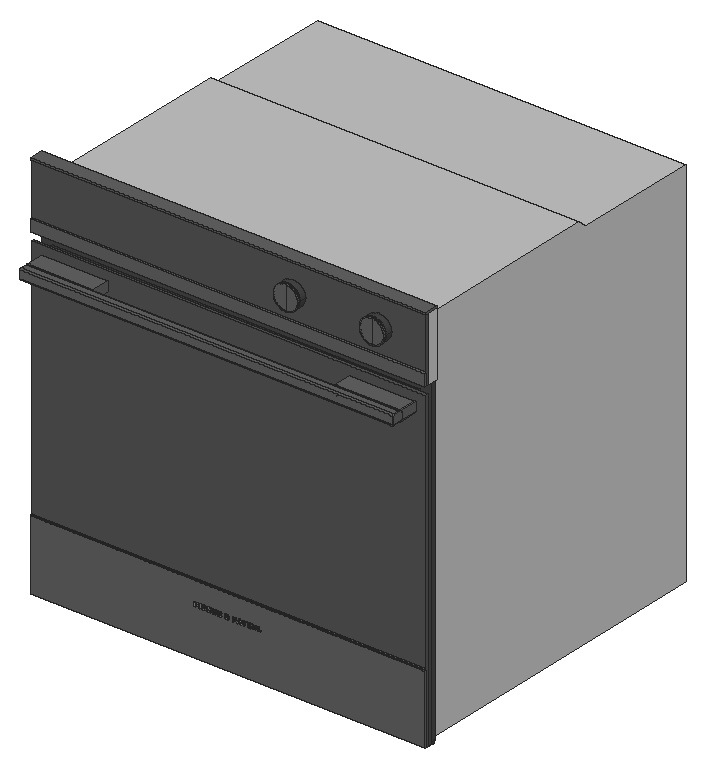
Revit family "FP-Revit20-en-OB60SD11PX1-OB60SD11PB1Oven-0-9000XXXXA-CN", category Specialty Equipment, Revit 2020
Family settings
  Round Connector Dimension = Use Diameter
  Part Type = Normal
  OmniClass Number = 23.40.40.14.17.11
  OmniClass Title = Cookers, Ovens, Stoves
  Work Plane-Based = No
  Always vertical = Yes
  Cut with Voids When Loaded = Yes
  Shared = No
  Room Calculation Point = No
Parameters (values of type "OB60SD11PB1")
  Visibility - Clearance Required = yes
  URL = "www.fisherpaykel.com"
  Product - Width = 596 mm  # constant formula
  Product - Height = 598 mm  # constant formula
  Product - Depth = 565 mm  # constant formula
  Model = "OB60SD11PB1"
  Material - Trim = Fisher & Paykel - Aluminium, Dark
  Material - Structure = Fisher & Paykel - Black
  Material - Handle = Fisher & Paykel - Aluminium, Dark
  Material - Glass = Fisher & Paykel - Glass, Black
  Material - Buttons and Dials = Fisher & Paykel - Black
  Material - Body = Fisher & Paykel - Grey
  Manufacturer = "Fisher & Paykel Appliances"
  FFL Offset [instance] = 200 mm
  Description = "60cm Built-In Oven"
  Default Elevation = 0 mm
  Connector Note - Electrical = "220 -240 V, 50 Hz, 12.8 - 13.8 A"
  Chassis - Width = 556 mm  # constant formula
  Chassis - Height = 575 mm  # constant formula
  Chassis - Depth = 545 mm  # constant formula
  Cavity - Width = 600 mm  # constant formula
  Cavity - Height = 600 mm  # constant formula
  Cavity - Depth = 550 mm  # constant formula
Types (3, lengths in mm): name | Model | Material - Trim | Material - Handle | Material - Buttons and Dials
  (no name) | "OB60SD11PB1" | Fisher & Paykel - Aluminium, Dark | Fisher & Paykel - Aluminium, Dark | Fisher & Paykel - Black
  OB60SD11PB1 | "OB60SD11PB1" | Fisher & Paykel - Aluminium, Dark | Fisher & Paykel - Aluminium, Dark | Fisher & Paykel - Black
  OB60SD11PX1 | "OB60SD11PX1" | Fisher & Paykel - Stainless Steel | Fisher & Paykel - Stainless Steel | Fisher & Paykel - Stainless Steel
Reference planes
  plane 1 "Datum": y = 0
  plane 2: z = 0
  plane 3 "Center (Left/Right)": x = 0
  plane 4 "Cavity": z = 780
  plane 5 "Product Height": z = 798
  plane 6 "Product LHS": x = -298
  plane 7 "Product RHS": x = 298
  plane 8 "Cavity LHS": x = -300
  plane 9 "Cavity RHS": x = 300
  plane 10 "Cavity - Depth": y = 550
  plane 11 "Product Depth": y = 545
  plane 12 "Front Face": y = -20
  plane 13 "FFL Offset": z = 200
  plane 14 "Cavity Height": z = 800
Forms (mm)
  Extrusion 1, solid, material "Fisher & Paykel - Grey" <- "Material - Body"
    sketch origin (0, 0, 0) x (0, 1, 0) y (0, 0, 1)
      loop
        line (0, 200) -> (525, 200) -> (525, 393.99) -> (545, 413.99) -> (545, 609.73) -> (495, 659.73) -> (495, 764.6) -> (307.721, 764.6) -> (293.958, 775) -> (0, 775) -> (0, 200)
    from -278 to 278
  Extrusion 2, void
    sketch origin (0, 0, 0) x (1, 0, 0) y (0, 1, 0)
      loop
        line (-278, 495) -> (-229.13, 495) -> (-179.13, 545) -> (-278, 545) -> (-278, 495)
      loop
        line (278, 495) -> (278, 545) -> (94.617, 545) -> (114.617, 525) -> (199.13, 525) -> (229.13, 495) -> (278, 495)
    from 200 to 764.6
  Extrusion 3, solid, material "Fisher & Paykel - Aluminium, Dark" <- "Material - Trim"
    sketch origin (0, 0, 0) x (0, 1, 0) y (0, 0, 1)
      loop
        line (0, 798) -> (-20.5, 798) -> (-20.5, 795.1) -> (0, 795.1) -> (0, 798)
    from -298 to 298
  Extrusion 4, solid, material "Fisher & Paykel - Grey" <- "Material - Body"
    sketch origin (0, 0, 0) x (0, 1, 0) y (0, 0, 1)
      loop
        line (-16, 795.1) -> (-16, 698) -> (0, 698) -> (0, 795.1) -> (-16, 795.1)
    from -298 to 298
  Extrusion 5, solid, material "Fisher & Paykel - Glass, Black" <- "Material - Glass"
    sketch origin (0, 0, 0) x (1, 0, 0) y (0, 0, 1)
      loop
        line (-298, 685.2) -> (-298, 208.6) -> (298, 208.6) -> (298, 685.2) -> (-298, 685.2)
      loop
        line (-298, 698) -> (298, 698) -> (298, 794.5) -> (-298, 794.5) -> (-298, 698)
    from 16 to 20
  Extrusion 6, solid, material "Fisher & Paykel - Black" <- "Material - Structure"
    sketch origin (0, 0, 0) x (0, 1, 0) y (0, 0, 1)
      loop
        line (-13.8, 683.7) -> (-16, 683.7) -> (-16, 224.7) -> (-5, 224.7) -> (-5, 680.497) -> (-13.8, 683.7)
    from -277 to 277
  Extrusion 7, solid, material "Fisher & Paykel - Black" <- "Material - Structure"
    sketch origin (0, 0, 0) x (1, 0, 0) y (0, 0, 1)
      loop
        line (-295, 698) -> (-295, 209.536)
        arc (-295, 209.536) -> (-292.207, 202.793) -> (-285.464, 200) r 9.536
        line (-285.464, 200) -> (285.5, 200)
        arc (285.5, 200) -> (292.218, 202.782) -> (295, 209.5) r 9.5
        line (295, 209.5) -> (295, 698) -> (-295, 698)
    from 0 to 5
  Sweep 8, solid, material "Fisher & Paykel - Black"
    path origin (-195.035, 0, 0) x (0, 1, 0) y (0, 0, 1)
      loop
        line (478.272, 708.8) -> (498.6, 708.8)
        arc (498.6, 708.8) -> (507.085, 705.285) -> (510.6, 696.8) r 12
        line (510.6, 696.8) -> (510.6, 678.8)
    profile origin (-195.035, 488.436, 708.8) x (0, 0, 1) y (1, 0, 0)
      loop
        line (0, 11) -> (-11, 11) -> (-11, -11) -> (0, -11)
        arc (0, -11) -> (11, 0) -> (0, 11) r 11
  Extrusion 9, solid, material "Fisher & Paykel - Clearance Required", visible <- "Visibility - Clearance Required", detail levels coarse
    sketch origin (0, 0, 0) x (0, 1, 0) y (0, 0, 1)
      loop
        line (-21.6, 227.528) -> (-21.6, 200) -> (0, 200) -> (0, 800) -> (-21.6, 800) -> (-21.6, 685.18)
        arc (-21.6, 685.18) -> (-333.147, 559.899) -> (-479.9, 257.872) r 466.605
        line (-479.9, 257.872) -> (-465.169, 256.897) -> (-467.944, 214.989) -> (-455.498, 214.164) -> (-452.723, 256.073) -> (-21.6, 227.528)
    from -300 to 300
  Extrusion 10, solid, material "Fisher & Paykel - Clearance Required", visible <- "Visibility - Clearance Required", detail levels coarse
    sketch origin (0, 0, 0) x (1, 0, 0) y (0, 1, 0)
      loop
        line (-280, 0) -> (280, 0) -> (280, 550) -> (-280, 550) -> (-280, 0)
    from 200 to 780
  Extrusion 11, void
    sketch origin (0, 0, 0) x (1, 0, 0) y (0, 1, 0)
      loop
        line (-300, -21.6) -> (300, -21.6) -> (300, 0) -> (-300, 0) -> (-300, -21.6)
    from 200 to 800
  Extrusion 12, solid, material "Fisher & Paykel - Aluminium, Dark" <- "Material - Trim", detail levels medium+fine
    sketch origin (0, -2000, 0) x (0, 1, 0) y (0, 0, 1)
      loop
        line (1980, 316.326) -> (1978.666, 314.661)
        arc (1978.666, 314.661) -> (1978.468, 314.306) -> (1978.4, 313.905) r 1.209
        line (1978.4, 313.905) -> (1978.4, 208.6) -> (1980, 208.6) -> (1980, 316.326)
    from -298 to 298
  Extrusion 13, solid, material "Fisher & Paykel - Aluminium, Dark" <- "Material - Trim", detail levels fine
    sketch origin (0, 0, 0) x (0, 1, 0) y (0, 0, 1)
      loop
        line (-21.7, 715.525) -> (-21.7, 698) -> (-20, 698) -> (-20, 717.528) -> (-21.7, 715.525)
    from -298 to 298
  Extrusion 14, void
    sketch origin (0, 0, 0) x (1, 0, 0) y (0, 1, 0)
      loop
        line (-280, 550) -> (-280, 0) -> (280, 0) -> (280, 550) -> (-280, 550)
    from 200 to 780
  Extrusion 15, solid, material "Fisher & Paykel - Black" <- "Material - Buttons and Dials", detail levels medium+fine
    sketch origin (0, 0, 0) x (1, 0, 0) y (0, 0, 1)
      loop
        circle (226.982, 752.85) r 18.8
      loop
        circle (96.982, 752.85) r 18.797
    from 20 to 30.5
  Revolve 16, solid, material "Fisher & Paykel - Aluminium, Dark" <- "Material - Trim", detail levels medium+fine
    sketch origin (96.961, 0, 0) x (0, 1, 0) y (0, 0, 1)
      loop
        line (-33.5, 752.858) -> (-30.5, 752.858) -> (-30.5, 771.1)
        arc (-30.5, 771.1) -> (-30.66, 771.487) -> (-31.048, 771.647) r 0.548
        line (-31.048, 771.647) -> (-32.964, 771.647)
        arc (-32.964, 771.647) -> (-33.343, 771.49) -> (-33.5, 771.112) r 0.536
        line (-33.5, 771.112) -> (-33.5, 752.858)
      axis (-30.5, 752.858) -> (-33.5, 752.858)
    angle from 0 to 360
  Revolve 17, solid, material "Fisher & Paykel - Aluminium, Dark" <- "Material - Trim", detail levels medium+fine
    sketch origin (226.961, 0, 0) x (0, 1, 0) y (0, 0, 1)
      loop
        line (-33.5, 752.858) -> (-30.5, 752.858) -> (-30.5, 771.1)
        arc (-30.5, 771.1) -> (-30.66, 771.487) -> (-31.048, 771.647) r 0.548
        line (-31.048, 771.647) -> (-32.964, 771.647)
        arc (-32.964, 771.647) -> (-33.343, 771.49) -> (-33.5, 771.112) r 0.536
        line (-33.5, 771.112) -> (-33.5, 752.858)
      axis (-30.5, 752.858) -> (-33.5, 752.858)
    angle from 0 to 360
Cuts and joins
  Extrusion 2 cuts Extrusion 1
Lines and regions (mm)
  model lines, style "Fisher & Paykel"
    curve 1: line (217.5, -20, 334.2) -> (-217.5, -20, 334.2)
    curve 2: line (217.5, -20, 617.436) -> (217.5, -20, 334.2)
    curve 3: line (-217.5, -20, 617.436) -> (217.5, -20, 617.436)
    curve 4: line (-217.5, -20, 334.2) -> (-217.5, -20, 617.436)
Text (mm)
  text "Disclaimer:\nWe endeavor to maintain the accuracy of our 3D content.\nHowever, product details are subject to change without notice.\nPlease refer to the product Data Sheets for the most current product information." at (41.04, -568.295, 0), in view "Ref. Level (Plan)"
Dimensions and locks
  equal spacing: plane 6 "Product LHS", plane 3 "Center (Left/Right)", plane 7 "Product RHS"
  "Product - Width": plane 6 "Product LHS" to plane 7 "Product RHS"
  equal spacing: plane 8 "Cavity LHS", plane 3 "Center (Left/Right)", plane 9 "Cavity RHS"
  "Cavity - Width": plane 8 "Cavity LHS" to plane 9 "Cavity RHS"
  "Cavity - Depth": plane 10 "Cavity - Depth" to plane 1 "Datum"
  "Chassis - Depth": plane 11 "Product Depth" to plane 1 "Datum"
  plane 12 "Front Face" to plane 1 "Datum" = 20 mm
  "Product - Depth": plane 11 "Product Depth" to plane 12 "Front Face"
  "Chassis - Width": cut or joined group of Extrusion 1, Extrusion 2 to cut or joined group of Extrusion 1, Extrusion 2
  "FFL Offset": plane 13 "FFL Offset" to level
  "Product - Height": plane 5 "Product Height" to plane 13 "FFL Offset"
  "Cavity - Height": Extrusion 9 to plane 13 "FFL Offset"
  locked: plane 4 "Cavity" to plane 13 "FFL Offset" at 580
  locked: nested 2 to plane 13 "FFL Offset" at 78.956
  locked: Extrusion 5 to plane 13 "FFL Offset" at 8.6
  locked: Extrusion 6 to plane 13 "FFL Offset" at 24.7
  locked: Extrusion 12 to plane 13 "FFL Offset" at 8.6
  "Cavity - Height": plane 14 "Cavity Height" to plane 13 "FFL Offset"
  locked: cut or joined group of Extrusion 1, Extrusion 2 to plane 13 "FFL Offset" at 564.6
  locked: plane 5 "Product Height" to nested 1 at 125.8
  locked: curve 1 to plane 13 "FFL Offset" at 134.2
  locked: curve 3 to plane 13 "FFL Offset" at 417.436
  aligned and locked: level to plane 2
  aligned and locked: plane 8 "Cavity LHS" to Extrusion 9
  aligned and locked: Extrusion 9 to plane 9 "Cavity RHS"
  aligned and locked: Extrusion 1 sketch curve to plane 13 "FFL Offset"
  aligned and locked: Extrusion 1 to Extrusion 2
  aligned and locked: Extrusion 2 to Extrusion 1
  aligned and locked: plane 13 "FFL Offset" to Extrusion 9 sketch curve
  aligned and locked: plane 13 "FFL Offset" to Extrusion 7 sketch curve
  aligned and locked: Extrusion 14 to cut or joined group of Extrusion 1, Extrusion 2
  aligned and locked: plane 4 "Cavity" to Extrusion 14
  aligned and locked: plane 4 "Cavity" to Extrusion 10
  aligned and locked: Extrusion 10 to cut or joined group of Extrusion 1, Extrusion 2
  aligned and locked: Extrusion 11 to cut or joined group of Extrusion 1, Extrusion 2
  aligned and locked: Extrusion 11 to Extrusion 9
  aligned and locked: plane 14 "Cavity Height" to Extrusion 11
Automatic sketch dimensions
  Extrusion 1 sketch curve to plane 1 "Datum" = 0 mm
  Extrusion 1 sketch curve to plane 11 "Product Depth" = 0 mm
  Extrusion 1 sketch curve to plane 4 "Cavity" = 5 mm
  Extrusion 1 sketch curve to plane 11 "Product Depth" = 251.042 mm
  Extrusion 1 sketch curve to Extrusion 1 sketch curve = 13.762 mm
  Extrusion 1 sketch curve to plane 4 "Cavity" = 15.4 mm
  Extrusion 1 sketch curve to plane 11 "Product Depth" = 50 mm
  Extrusion 1 sketch curve to plane 11 "Product Depth" = 20 mm
  Extrusion 1 sketch curve to Extrusion 1 sketch curve = 193.99 mm
  Extrusion 1 sketch curve to Extrusion 1 sketch curve = 20 mm
  Extrusion 1 sketch curve to Extrusion 1 sketch curve = 154.87 mm
  Extrusion 1 sketch curve to Extrusion 1 sketch curve = 50 mm
  Extrusion 2 sketch curve to plane 11 "Product Depth" = 0 mm  (x2)
  Extrusion 2 sketch curve to plane 6 "Product LHS" = 20 mm
  Extrusion 2 sketch curve to Extrusion 2 sketch curve = 48.87 mm
  Extrusion 2 sketch curve to Extrusion 2 sketch curve = 50 mm  (x3)
  plane 3 "Center (Left/Right)" to Extrusion 2 sketch curve = 94.617 mm
  Extrusion 2 sketch curve to Extrusion 2 sketch curve = 20 mm
  Extrusion 2 sketch curve to plane 11 "Product Depth" = 20 mm
  Extrusion 2 sketch curve to Extrusion 2 sketch curve = 84.513 mm
  Extrusion 2 sketch curve to Extrusion 2 sketch curve = 30 mm
  plane 7 "Product RHS" to Extrusion 2 sketch curve = 20 mm
  Extrusion 3 sketch curve to plane 1 "Datum" = 0 mm
  Extrusion 3 sketch curve to plane 12 "Front Face" = 0.5 mm
  Extrusion 3 sketch curve to plane 5 "Product Height" = 2.9 mm
  plane 5 "Product Height" to Extrusion 3 sketch curve = 0 mm
  Extrusion 4 sketch curve to plane 1 "Datum" = 0 mm
  plane 12 "Front Face" to Extrusion 4 sketch curve = 4 mm
  Extrusion 4 sketch curve to plane 4 "Cavity" = 82 mm
  Extrusion 4 sketch curve to plane 5 "Product Height" = 2.9 mm
  plane 6 "Product LHS" to Extrusion 5 sketch curve = 0 mm  (x2)
  plane 7 "Product RHS" to Extrusion 5 sketch curve = 0 mm  (x2)
  plane 13 "FFL Offset" to Extrusion 5 sketch curve = 8.6 mm
  Extrusion 5 sketch curve to plane 4 "Cavity" = 94.8 mm
  Extrusion 5 sketch curve to Extrusion 5 sketch curve = 12.8 mm
  Extrusion 5 sketch curve to plane 5 "Product Height" = 3.5 mm
  plane 12 "Front Face" to Extrusion 6 sketch curve = 4 mm
  Extrusion 6 sketch curve to Extrusion 6 sketch curve = 2.2 mm
  plane 1 "Datum" to Extrusion 6 sketch curve = 5 mm
  plane 13 "FFL Offset" to Extrusion 6 sketch curve = 24.7 mm
  Extrusion 6 sketch curve to plane 4 "Cavity" = 99.503 mm
  Extrusion 6 sketch curve to Extrusion 6 sketch curve = 3.203 mm
  Extrusion 7 sketch curve to plane 6 "Product LHS" = 3 mm
  Extrusion 7 sketch curve to Extrusion 7 sketch curve = 9.536 mm
  plane 7 "Product RHS" to Extrusion 7 sketch curve = 12.5 mm
  plane 7 "Product RHS" to Extrusion 7 sketch curve = 3 mm
  Extrusion 7 sketch curve to plane 4 "Cavity" = 82 mm
  curve 1 to plane 6 "Product LHS" = 80.5 mm
  plane 7 "Product RHS" to curve 3 = 80.5 mm
  Sweep 8 sketch curve to plane 11 "Product Depth" = 46.4 mm
  Sweep 8 sketch curve to Sweep 8 sketch curve = 12 mm
  Sweep 8 sketch curve to plane 4 "Cavity" = 83.2 mm
  Sweep 8 sketch curve to Sweep 8 sketch curve = 20.328 mm
  Sweep 8 sketch curve to Sweep 8 sketch curve = 18 mm
  Sweep 8 sketch curve to profile plane = 0 mm  (x2)
  profile plane to Sweep 8 sketch curve = 11 mm
  Sweep 8 sketch curve to profile plane = 11 mm
  Extrusion 9 sketch curve to plane 14 "Cavity Height" = 0 mm
  Extrusion 9 sketch curve to plane 1 "Datum" = 0 mm
  plane 12 "Front Face" to Extrusion 9 sketch curve = 5.051 mm
  Extrusion 9 sketch curve to plane 12 "Front Face" = 1.6 mm  (x2)
  plane 13 "FFL Offset" to Extrusion 9 sketch curve = 56.073 mm
  Extrusion 9 sketch curve to Extrusion 9 sketch curve = 431.123 mm
  plane 13 "FFL Offset" to Extrusion 9 sketch curve = 14.164 mm
  Extrusion 9 sketch curve to Extrusion 9 sketch curve = 2.775 mm
  plane 13 "FFL Offset" to Extrusion 9 sketch curve = 56.897 mm
  Extrusion 9 sketch curve to Extrusion 9 sketch curve = 12.446 mm
  plane 13 "FFL Offset" to Extrusion 9 sketch curve = 57.872 mm
  Extrusion 9 sketch curve to Extrusion 9 sketch curve = 8.905 mm
  Extrusion 10 sketch curve to plane 10 "Cavity - Depth" = 0 mm
  plane 1 "Datum" to Extrusion 10 sketch curve = 0 mm
  Extrusion 10 sketch curve to plane 6 "Product LHS" = 18 mm
  plane 7 "Product RHS" to Extrusion 10 sketch curve = 18 mm
  plane 1 "Datum" to Extrusion 11 sketch curve = 0 mm
  Extrusion 11 sketch curve to plane 8 "Cavity LHS" = 0 mm
  Extrusion 11 sketch curve to plane 9 "Cavity RHS" = 0 mm
  Extrusion 11 sketch curve to plane 12 "Front Face" = 1.6 mm
  Extrusion 12 sketch curve to plane 12 "Front Face" = 0 mm
  Extrusion 12 sketch curve to plane 12 "Front Face" = 0.391 mm
  Extrusion 12 sketch curve to Extrusion 12 sketch curve = 0.943 mm
  Extrusion 12 sketch curve to Extrusion 12 sketch curve = 1.6 mm
  plane 13 "FFL Offset" to Extrusion 12 sketch curve = 8.6 mm
  Extrusion 12 sketch curve to Extrusion 12 sketch curve = 105.305 mm
  Extrusion 12 sketch curve to Extrusion 12 sketch curve = 1.664 mm
  Extrusion 13 sketch curve to plane 12 "Front Face" = 0 mm
  Extrusion 13 sketch curve to plane 12 "Front Face" = 1.7 mm
  Extrusion 13 sketch curve to plane 4 "Cavity" = 82 mm
  Extrusion 13 sketch curve to Extrusion 13 sketch curve = 17.525 mm
  Extrusion 13 sketch curve to Extrusion 13 sketch curve = 2.002 mm
  plane 1 "Datum" to Extrusion 14 sketch curve = 0 mm
  Extrusion 14 sketch curve to plane 10 "Cavity - Depth" = 0 mm
  Extrusion 14 sketch curve to plane 6 "Product LHS" = 18 mm
  plane 7 "Product RHS" to Extrusion 14 sketch curve = 18 mm
  Extrusion 15 sketch curve to plane 4 "Cavity" = 27.15 mm  (x2)
  plane 3 "Center (Left/Right)" to Extrusion 15 sketch curve = 96.982 mm
  plane 7 "Product RHS" to Extrusion 15 sketch curve = 71.018 mm
  Revolve 16 sketch curve to plane 4 "Cavity" = 8.888 mm
  Revolve 16 sketch curve to plane 12 "Front Face" = 13.5 mm
  Revolve 16 sketch curve to Revolve 16 sketch curve = 0.536 mm
  Revolve 16 sketch curve to Revolve 16 sketch curve = 1.917 mm
  Revolve 16 sketch curve to Revolve 16 sketch curve = 0.548 mm
  Revolve 16 sketch curve to Revolve 16 sketch curve = 18.254 mm
  Revolve 16 sketch curve to Revolve 16 sketch curve = 5.07 mm
  Revolve 16 sketch curve to Revolve 16 sketch curve = 2.465 mm
  Revolve 16 sketch curve to Revolve 16 sketch curve = 0 mm
  Revolve 17 sketch curve to plane 4 "Cavity" = 8.888 mm
  Revolve 17 sketch curve to plane 12 "Front Face" = 13.5 mm
  Revolve 17 sketch curve to Revolve 17 sketch curve = 0.536 mm
  Revolve 17 sketch curve to Revolve 17 sketch curve = 1.917 mm
  Revolve 17 sketch curve to Revolve 17 sketch curve = 0.548 mm
  Revolve 17 sketch curve to Revolve 17 sketch curve = 18.254 mm
  Revolve 17 sketch curve to Revolve 17 sketch curve = 5.07 mm
  Revolve 17 sketch curve to Revolve 17 sketch curve = 2.465 mm
  Revolve 17 sketch curve to Revolve 17 sketch curve = 0 mm
  radius of Extrusion 15 sketch curve = 18.8 mm
  radius of Extrusion 15 sketch curve = 18.797 mm
Nested families
  nested 1: "F&P Handle Contemporary Square OB60-24" at (0, -20, 664.222), type "Aluminium Dark"
  nested 2: "F&P Logo 100mm" at (0, -21.6, 278.956), type "Grey", detail levels fine
Connectors
  electrical at (-195.035, 505.1, 678.8), driven by "Connector Note - Electrical"
    settings: on Sweep 8, index 1, voltage 230 V, apparent load 0 VA, apparent load phase1 0 VA, apparent load phase2 0 VA, apparent load phase3 0 VA, power factor 1, load classification "Other", number of poles 1, system type 30, power factor state 1, is connector primary yes, connector utility no, sub classification motor no, connector description "220 -240 V, 50 Hz, 12.8 - 13.8 A"
Definition of nested family "F&P Handle Contemporary Square OB60-24"
  Parameters (values of type "Aluminium Dark")
    URL = "www.fisherpaykel.com"
    Material - Handle = none
    Manufacturer = "Fisher & Paykel Appliances"
    Handle - Length = 565 mm
    Default Elevation = 0 mm
  Types (2): name
    Aluminium
    Aluminium Dark
  Reference planes
    plane 1 "Center (Front/Back)": y = 0
    plane 2: z = 0
    plane 3 "Center (Left/Right)": x = 0
    plane 4 "Product LHS": x = -282.5
    plane 5 "Product RHS": x = 282.5
    plane 6 "LHS Standoff": x = -182.495
    plane 7 "RHS Standoff": x = 182.505
  Forms (mm)
    Extrusion 1, solid, material <- "Material - Handle", detail levels fine
      sketch origin (0, 0, 0) x (0, 1, 0) y (0, 0, 1)
        loop
          arc (-28.701, 7.561) -> (-29.057, 7.868) -> (-29.514, 7.978) r 1
          line (-29.514, 7.978) -> (-40.5, 7.978)
          arc (-40.5, 7.978) -> (-41.561, 7.539) -> (-42, 6.478) r 1.5
          line (-42, 6.478) -> (-42, -6.522)
          arc (-42, -6.522) -> (-41.561, -7.583) -> (-40.5, -8.022) r 1.5
          line (-40.5, -8.022) -> (-29.487, -8.022)
          arc (-29.487, -8.022) -> (-29.029, -7.911) -> (-28.673, -7.602) r 1
          arc (-28.673, -7.602) -> (-26.256, -0.016) -> (-28.701, 7.561) r 13.038
      from -282.5 to 282.5
    Extrusion 2, solid, material <- "Material - Handle", detail levels fine
      sketch origin (0, 0, 0) x (0, 1, 0) y (0, 0, 1)
        loop
          arc (-28.23, 7.062) -> (-26.156, 0.008) -> (-28.198, -7.056) r 13.136
          arc (-28.198, -7.056) -> (-28.21, -7.463) -> (-27.86, -7.67) r 0.4
          line (-27.86, -7.67) -> (0, -7.67) -> (0, 7.678) -> (-27.893, 7.678)
          arc (-27.893, 7.678) -> (-28.244, 7.47) -> (-28.23, 7.062) r 0.4
      from 182.505 to 282.5
    Extrusion 3, solid, material <- "Material - Handle", detail levels fine
      sketch origin (0, 0, 0) x (0, 1, 0) y (0, 0, -1)
        loop
          arc (-28.23, -7.062) -> (-28.244, -7.47) -> (-27.893, -7.678) r 0.4
          line (-27.893, -7.678) -> (0, -7.678) -> (0, 7.67) -> (-27.86, 7.67)
          arc (-27.86, 7.67) -> (-28.21, 7.463) -> (-28.198, 7.056) r 0.4
          arc (-28.198, 7.056) -> (-26.156, -0.008) -> (-28.23, -7.062) r 13.136
      from 182.495 to 282.5
    Sweep 4, void
      path in 3D
        loop
          line (282.5, -29.514, 7.978) -> (282.5, -40.5, 7.978)
          arc (282.5, -40.5, 7.978) -> (282.5, -41.561, 7.539) -> (282.5, -42, 6.478) r 1.5
          line (282.5, -42, 6.478) -> (282.5, -42, -6.522)
          arc (282.5, -42, -6.522) -> (282.5, -41.561, -7.583) -> (282.5, -40.5, -8.022) r 1.5
          line (282.5, -40.5, -8.022) -> (282.5, -29.487, -8.022)
      profile origin (282.5, -35.007, 7.978) x (1, 0, 0) y (0, 0, 1)
        loop
          line (0, 0) -> (-1.3, 0) -> (0, -1.3) -> (0, 0)
    Sweep 5, void
      path in 3D
        loop
          line (-282.5, -29.487, -8.022) -> (-282.5, -40.5, -8.022)
          arc (-282.5, -40.5, -8.022) -> (-282.5, -41.561, -7.583) -> (-282.5, -42, -6.522) r 1.5
          line (-282.5, -42, -6.522) -> (-282.5, -42, 6.478)
          arc (-282.5, -42, 6.478) -> (-282.5, -41.561, 7.539) -> (-282.5, -40.5, 7.978) r 1.5
          line (-282.5, -40.5, 7.978) -> (-282.5, -29.514, 7.978)
      profile origin (-282.5, -35.007, 7.978) x (-1, 0, 0) y (0, 0, 1)
        loop
          line (0, 0) -> (-1.3, 0) -> (0, -1.3) -> (0, 0)
    Extrusion 6, void
      sketch origin (0, 0, 0) x (1, 0, 0) y (0, 0, 1)
        loop
          line (282.5, 7.978) -> (281.2, 7.978) -> (282.5, 6.678) -> (282.5, 7.978)
        loop
          line (282.5, -8.022) -> (282.5, -6.722) -> (281.2, -8.022) -> (282.5, -8.022)
      from 0 to 40
    Extrusion 7, void
      sketch origin (0, 0, 0) x (1, 0, 0) y (0, 0, 1)
        loop
          line (-282.5, 7.978) -> (-282.5, 6.678) -> (-281.2, 7.978) -> (-282.5, 7.978)
        loop
          line (-282.5, -8.022) -> (-281.2, -8.022) -> (-282.5, -6.722) -> (-282.5, -8.022)
      from 0 to 40
    Extrusion 8, solid, material <- "Material - Handle", detail levels coarse+medium
      sketch origin (0, 0, 0) x (1, 0, 0) y (0, 1, 0)
        loop
          line (-282.5, -42) -> (282.5, -42) -> (282.5, 0) -> (182.505, 0) -> (182.505, -26.156) -> (-182.495, -26.156) -> (-182.495, 0) -> (-282.5, 0) -> (-282.5, -42)
      from -8.022 to 7.978
  Cuts and joins
    Sweep 4, Sweep 5, Extrusion 6, Extrusion 7 cuts Extrusion 1
    Extrusion 6 cuts Extrusion 2
    Extrusion 7 cuts Extrusion 3
  Lines and regions (mm)
    sketch lines
      curve 1: line (282.5, -29.514, 7.978) -> (282.5, -40.5, 7.978)
      curve 2: arc (282.5, -42, 6.478) -> (282.5, -41.561, 7.539) -> (282.5, -40.5, 7.978) r 1.5
      curve 3: line (282.5, -42, 6.478) -> (282.5, -42, -6.522)
      curve 4: arc (282.5, -40.5, -8.022) -> (282.5, -41.561, -7.583) -> (282.5, -42, -6.522) r 1.5
      curve 5: line (282.5, -40.5, -8.022) -> (282.5, -29.487, -8.022)
      curve 6: line (-282.5, -40.5, 7.978) -> (-282.5, -29.514, 7.978)
      curve 7: arc (-282.5, -40.5, 7.978) -> (-282.5, -41.561, 7.539) -> (-282.5, -42, 6.478) r 1.5
      curve 8: line (-282.5, -42, -6.522) -> (-282.5, -42, 6.478)
      curve 9: arc (-282.5, -42, -6.522) -> (-282.5, -41.561, -7.583) -> (-282.5, -40.5, -8.022) r 1.5
      curve 10: line (-282.5, -29.487, -8.022) -> (-282.5, -40.5, -8.022)
  Dimensions and locks
    equal spacing: plane 4 "Product LHS", plane 3 "Center (Left/Right)", plane 5 "Product RHS"
    "Handle - Length": plane 4 "Product LHS" to plane 5 "Product RHS"
    locked: plane 4 "Product LHS" to plane 6 "LHS Standoff" at 100.005
    locked: plane 7 "RHS Standoff" to plane 5 "Product RHS" at 99.995
    aligned and locked: level to plane 2
    aligned and locked: Extrusion 1 to plane 5 "Product RHS"
    aligned and locked: plane 4 "Product LHS" to Extrusion 1
    aligned and locked: Extrusion 2 to plane 5 "Product RHS"
    aligned and locked: plane 4 "Product LHS" to Extrusion 3
    aligned and locked: plane 4 "Product LHS" to Extrusion 8 sketch curve
    aligned and locked: Extrusion 8 sketch curve to plane 5 "Product RHS"
    aligned and locked: Extrusion 8 sketch curve to plane 7 "RHS Standoff"
    aligned and locked: plane 6 "LHS Standoff" to Extrusion 8 sketch curve
    aligned and locked: Extrusion 2 to plane 7 "RHS Standoff"
    aligned and locked: plane 6 "LHS Standoff" to Extrusion 3
  Automatic sketch dimensions
    Extrusion 1 sketch curve to level = 6.522 mm
    plane 1 "Center (Front/Back)" to Extrusion 1 sketch curve = 42 mm
    Extrusion 1 sketch curve to Extrusion 1 sketch curve = 1.5 mm  (x2)
    Extrusion 1 sketch curve to level = 0.04 mm
    Extrusion 1 sketch curve to Extrusion 1 sketch curve = 1.206 mm
    level to Extrusion 1 sketch curve = 6.978 mm
    Extrusion 1 sketch curve to Extrusion 1 sketch curve = 10.986 mm
    Extrusion 1 sketch curve to Extrusion 1 sketch curve = 11.013 mm
    Extrusion 1 sketch curve to Extrusion 1 sketch curve = 1 mm
    level to Extrusion 1 sketch curve = 6.478 mm
    Extrusion 1 sketch curve to Extrusion 1 sketch curve = 0 mm
    Extrusion 2 sketch curve to plane 1 "Center (Front/Back)" = 0 mm
    Extrusion 2 sketch curve to level = 7.67 mm
    Extrusion 2 sketch curve to Extrusion 2 sketch curve = 27.86 mm
    level to Extrusion 2 sketch curve = 7.678 mm
    Extrusion 2 sketch curve to Extrusion 2 sketch curve = 0.033 mm
    Extrusion 2 sketch curve to level = 0.022 mm
    Extrusion 2 sketch curve to Extrusion 2 sketch curve = 11.398 mm
    Extrusion 2 sketch curve to Extrusion 2 sketch curve = 0.4 mm  (x2)
    Extrusion 2 sketch curve to Extrusion 2 sketch curve = 0 mm
    Extrusion 3 sketch curve to plane 1 "Center (Front/Back)" = 0 mm
    Extrusion 3 sketch curve to level = 7.67 mm
    Extrusion 3 sketch curve to Extrusion 3 sketch curve = 27.86 mm
    level to Extrusion 3 sketch curve = 7.678 mm
    Extrusion 3 sketch curve to Extrusion 3 sketch curve = 0.033 mm
    Extrusion 3 sketch curve to level = 0.022 mm
    Extrusion 3 sketch curve to Extrusion 3 sketch curve = 11.398 mm
    Extrusion 3 sketch curve to Extrusion 3 sketch curve = 0.4 mm  (x2)
    Extrusion 3 sketch curve to Extrusion 3 sketch curve = 0 mm
    profile plane to Sweep 4 sketch curve = 0 mm
    Sweep 4 sketch curve to profile plane = 0 mm
    Sweep 4 sketch curve to profile plane = 1.3 mm
    profile plane to Sweep 4 sketch curve = 1.3 mm
    Sweep 5 sketch curve to profile plane = 0 mm  (x2)
    profile plane to Sweep 5 sketch curve = 1.3 mm
    Sweep 5 sketch curve to profile plane = 1.3 mm
    plane 5 "Product RHS" to Extrusion 6 sketch curve = 0 mm  (x2)
    Extrusion 6 sketch curve to Extrusion 6 sketch curve = 1.3 mm  (x4)
    Extrusion 6 sketch curve to level = 6.722 mm
    level to Extrusion 6 sketch curve = 6.678 mm
    plane 4 "Product LHS" to Extrusion 7 sketch curve = 0 mm  (x2)
    Extrusion 7 sketch curve to plane 4 "Product LHS" = 1.3 mm  (x2)
    Extrusion 7 sketch curve to level = 8.022 mm
    level to Extrusion 7 sketch curve = 6.678 mm
    Extrusion 7 sketch curve to Extrusion 7 sketch curve = 1.3 mm  (x2)
    plane 1 "Center (Front/Back)" to Extrusion 8 sketch curve = 0 mm  (x2)
    Extrusion 8 sketch curve to Extrusion 8 sketch curve = 26.156 mm
    Extrusion 8 sketch curve to Extrusion 8 sketch curve = 42 mm
Definition of nested family "F&P Logo 100mm"
  Parameters (values of type "Chrome")
    URL = "www.fisherpaykel.com"
    Material - Logo = none
    Manufacturer = "Fisher & Paykel Appliances"
    Default Elevation = 0 mm
  Types (3): name
    (no name)
    Chrome
    Grey
  Reference planes
    plane 1 "Center (Front/Back)": y = 0
    plane 2: z = 0
    plane 3 "Center (Left/Right)": x = 0
  Forms (mm)
    Extrusion 1, solid, material <- "Material - Logo", detail levels fine
      sketch origin (0, 0, 0) x (1, 0, 0) y (0, 0, 1)
        loop
          line (-50.044, 0) -> (-48.47, 0) -> (-48.47, 2.138) -> (-46.011, 2.138) -> (-46.011, 3.472) -> (-48.47, 3.472) -> (-48.47, 4.712) -> (-45.795, 4.712) -> (-45.795, 6.04) -> (-50.044, 6.04) -> (-50.044, 0)
        loop
          line (-42.804, 6.04) -> (-42.804, 0) -> (-41.23, 0) -> (-41.23, 6.04) -> (-42.804, 6.04)
        loop
          line (-30.724, 6.04) -> (-30.724, 0) -> (-29.151, 0) -> (-29.151, 2.42) -> (-26.839, 2.42) -> (-26.839, 0) -> (-25.265, 0) -> (-25.265, 6.04) -> (-26.839, 6.04) -> (-26.839, 3.748) -> (-29.151, 3.748) -> (-29.151, 6.04) -> (-30.724, 6.04)
        loop
          line (-21.906, 6.04) -> (-21.906, 0) -> (-17.602, 0) -> (-17.602, 1.328) -> (-20.347, 1.328) -> (-20.347, 2.42) -> (-17.838, 2.42) -> (-17.838, 3.748) -> (-20.347, 3.748) -> (-20.347, 4.712) -> (-17.602, 4.712) -> (-17.602, 6.04) -> (-21.906, 6.04)
        loop
          line (45.667, 6.04) -> (45.667, 0) -> (49.956, 0) -> (49.956, 1.328) -> (47.241, 1.328) -> (47.241, 6.04) -> (45.667, 6.04)
        loop
          line (42.431, 6.04) -> (38.112, 6.04) -> (38.112, 0) -> (42.431, 0) -> (42.431, 1.328) -> (39.687, 1.328) -> (39.687, 2.42) -> (42.195, 2.42) -> (42.195, 3.748) -> (39.687, 3.748) -> (39.687, 4.712) -> (42.431, 4.712) -> (42.431, 6.04)
        loop
          line (33.451, 3.148) -> (35.683, 6.04) -> (33.844, 6.04) -> (31.915, 3.542) -> (31.915, 6.04) -> (30.342, 6.04) -> (30.342, 0) -> (31.915, 0) -> (31.915, 2.705) -> (33.903, 0) -> (35.763, 0) -> (33.451, 3.148)
        loop
          line (21.98, 6.04) -> (24.262, 2.42) -> (24.262, 0) -> (25.837, 0) -> (25.837, 2.341) -> (28.119, 6.04) -> (26.446, 6.04) -> (25.099, 3.707) -> (23.753, 6.04) -> (21.98, 6.04)
        loop
          line (18.479, 6.04) -> (16.983, 6.04) -> (14.524, 0) -> (16.069, 0) -> (16.501, 1.112) -> (18.921, 1.112) -> (19.354, 0) -> (20.938, 0) -> (18.479, 6.04)
        loop
          line (18.4, 2.439) -> (17.693, 4.174) -> (17.018, 2.439) -> (18.4, 2.439)
        loop
          line (8.031, 6.04) -> (8.031, 0) -> (9.605, 0) -> (9.605, 1.938) -> (10.599, 1.938)
          arc (10.599, 1.938) -> (12.65, 3.989) -> (10.599, 6.04) r 2.051
          line (10.599, 6.04) -> (8.031, 6.04)
        loop
          line (9.605, 4.712) -> (9.605, 3.197) -> (10.501, 3.197)
          arc (10.501, 3.197) -> (11.259, 3.954) -> (10.501, 4.712) r 0.757
          line (10.501, 4.712) -> (9.605, 4.712)
        loop
          line (-11.783, 6.04) -> (-14.366, 6.04) -> (-14.366, 0) -> (-12.792, 0) -> (-12.792, 1.336) -> (-11.992, 1.336) -> (-10.972, 0) -> (-9.153, 0) -> (-10.694, 1.973)
          arc (-10.694, 1.973) -> (-9.678, 4.424) -> (-11.783, 6.04) r 2.179
        loop
          line (-11.897, 4.712) -> (-12.792, 4.712) -> (-12.792, 3.053) -> (-11.897, 3.053)
          arc (-11.897, 3.053) -> (-11.068, 3.882) -> (-11.897, 4.712) r 0.83
        loop
          line (0.477, 4.712) -> (0.477, 6.153) -> (-3.575, 6.153) -> (-3.575, 4.851) -> (-2.974, 4.112)
          arc (-2.974, 4.112) -> (-3.51, 0.684) -> (-0.045, 0.512) r 2.334
          line (-0.045, 0.512) -> (0.46, -0.109) -> (2.246, -0.109) -> (0.86, 1.594) -> (2.061, 3.324) -> (0.443, 3.324) -> (-0.013, 2.667) -> (-1.677, 4.712) -> (0.477, 4.712)
        loop
          arc (-2.125, 3.068) -> (-2.269, 1.668) -> (-0.868, 1.524) r 0.996
          line (-0.868, 1.524) -> (-2.125, 3.068)
        loop
          line (-35.18, 3.634) -> (-36.516, 3.91)
          arc (-36.516, 3.91) -> (-37.049, 4.443) -> (-36.516, 4.976) r 0.533
          arc (-36.516, 4.976) -> (-35.235, 4.79) -> (-34.059, 4.248) r 4.505
          line (-34.059, 4.248) -> (-34.059, 5.743)
          arc (-34.059, 5.743) -> (-35.549, 6.179) -> (-37.1, 6.109) r 4.726
          arc (-37.1, 6.109) -> (-38.536, 4.335) -> (-37.1, 2.561) r 1.814
          line (-37.1, 2.561) -> (-35.754, 2.282)
          arc (-35.754, 2.282) -> (-35.221, 1.749) -> (-35.754, 1.216) r 0.533
          arc (-35.754, 1.216) -> (-37.035, 1.402) -> (-38.211, 1.945) r 4.505
          line (-38.211, 1.945) -> (-38.211, 0.449)
          arc (-38.211, 0.449) -> (-36.72, 0.013) -> (-35.169, 0.083) r 4.726
          arc (-35.169, 0.083) -> (-33.734, 1.863) -> (-35.18, 3.634) r 1.814
      from 0 to 0.8
  Dimensions and locks
    aligned and locked: level to plane 2
